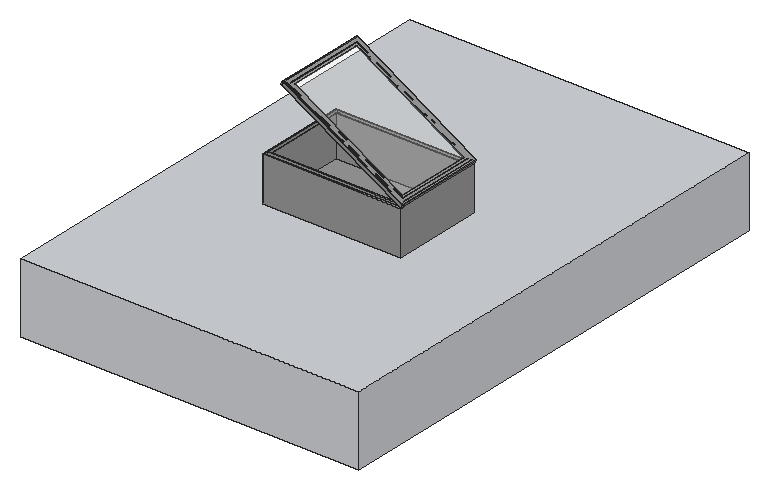
Revit family "Hager-Orion_Inox-IP66-D210-Cl.I-Inox_encl-630A-400mm-CH-it", category Equipement électrique, Revit 2020
Family settings
  Hôte = Face
  Configuration du panneau = Deux colonnes, circuits au sein
  Cote de connecteur circulaire = Utiliser le diamètre
  Type d'élément = Tableau de raccordement
  Couper avec des vides une fois chargée = Non
  Partagée = Non
  Point de calcul de pièce = Non
Parameters (values of type "A parete IP66 L600 A400 P210  - FL017TWL")
  Width Control [instance] = if([EF000008 - Larghezza] > Min Width, [EF000008 - Larghezza], Min Width)  # 600 mm
  Commentaires du type = [HG000003 - Gamma]  # "Orion Inox"
  Thickness Door [instance] = if([EF009171 - spessore materiale porta/coperchio] > 3 mm, 3 mm, [EF009171 - spessore materiale porta/coperchio])  # 1.5 mm
  Seal Frame Offset [instance] = 17 mm  # constant formula
  Model = ""
  Min Width [instance] = 100 mm  # constant formula
  Min Height [instance] = 100 mm  # constant formula
  Min Depth [instance] = (2 * [EF009170 - spessore materiale scatola]) + 1 mm  # 4 mm
  Internal Frame Depth [instance] = (Door System Depth * 0.5)  # 9 mm
  Height Control [instance] = if([EF000040 - Altezza] > Min Height, [EF000040 - Altezza], Min Height)  # 400 mm
  HG000027 - Altezza dello zoccolo = 0 mm
  HG000026 - A pavimento = no
  HG000024 - Altezza della sezione inferiore = 800 mm
  HG000023 - Custodia a doppia sezione = no
  HG000016 - Visibilità delle porte nella vista 3D [instance] = yes
  HG000015 - Visibilità attraverso la porta [instance] = no
  HG000014 - Porta destra [instance] = yes
  HG000013 - Porta sinistra [instance] = not([HG000014 - Porta destra])  # no
  HG000012 - Angolo di apertura della porta [instance] = 30.00°
  HG000010 - Porte asimmetriche = no
  HG000009 - Porta doppia a battente = no
  HG000006 - Ad incasso = no
  HG000004 - Codice produttore = "FL017TWL"
  HG000003 - Gamma = "Orion Inox"
  HG000002 - Con porta = yes
  Frame Offset Bottom [instance] = 10 mm  # constant formula
  Frame Offset [instance] = 15 mm  # constant formula
  EF015940 - Coprire con rilascio di sovrapressione = no
  EF011959 - tipo di protezione (NEMA) = ""
  EF009554 - numero delle aperture per la piastra della flangia = 0
  Fabricant = "Hager"  # constant formula
  EF009212 - esecuzione coperchio = "EV000116 - chiuso"
  EF009171 - spessore materiale porta/coperchio = 1.5 mm
  EF009170 - spessore materiale scatola = 1.5 mm
  EF008873 - corrente nominale (In) = 630 A
  EF007800 - adatto per parafulmine = no
  EF006306 - con serratura = yes
  EF006244 - coperchio/porta trasparente = yes
  EF005474 - grado di protezione (IP) = "EV006422 - IP66"
  EF004464 - tipo di porta = "EV002646 - singolo"
  EF004427 - numero di moduli = 0
  EF004293 - resistenza agli urti = "EV006814 - IK08"
  EF003532 - adatto per uso esterno = yes
  EF002950 - Numero moduli DIN = 0
  EF001613 - Integrità del circuito = "EV000494 - senza"
  EF001596 - Attacco Lampada = "EV000166 - acciaio inossidabile"
  EF001131 - profondità interna = 176 mm
  EF001088 - possibilità di applicazione = yes
  EF000437 - numero di ingressi per conduttori = 0
  EF000339 - tipo di copertura = "EV004216 - porta"
  EF000266 - numero di file = 0
  EF000218 - profondità di incasso = 0 mm
  EF000118 - con piastra di montaggio = no
  EF000116 - numero RAL = ""
  EF000049 - profondità = 210 mm
  EF000040 - Altezza = 400 mm
  EF000008 - Larghezza = 600 mm
  EF000007 - colore = "EV000154 - altri"
  EF000003 - Tipo di montaggio = "EV000384 - A parete"
  Door System Leaf Tolerance [instance] = 1.5 mm  # constant formula
  Door System Depth [instance] = 18 mm  # constant formula
  Depth Control [instance] = if([EF000049 - profondità] > Min Depth, [EF000049 - profondità], Min Depth)  # 210 mm
  Default Elevation = 0 mm
Types (12, lengths in mm): name | Width Control | HG000004 - Codice produttore | EF009212 - esecuzione coperchio | EF006306 - con serratura | EF006244 - coperchio/porta trasparente | EF004293 - resistenza agli urti | EF001613 - Integrità del circuito | EF000008 - Larghezza
  A parete IP66 L300 A400 P210  - FL015BW | 300 | "FL015BW" | "EV000116 - chiuso" | yes | no | "EV008784 - IK10" | "EV000494 - senza" | 300
  A parete IP66 L300 A400 P210  - FL015BWL | 300 | "FL015BWL" | "EV000116 - chiuso" | yes | no | "EV008784 - IK10" | "EV000494 - senza" | 300
  A parete IP66 L300 A400 P210  - FL015TW | 300 | "FL015TW" | "EV000116 - chiuso" | yes | yes | "EV006814 - IK08" | "EV000494 - senza" | 300
  A parete IP66 L300 A400 P210  - FL015TWL | 300 | "FL015TWL" | "EV000116 - chiuso" | yes | yes | "EV006814 - IK08" | "EV000494 - senza" | 300
  A parete IP66 L400 A400 P210  - FL016BW | 400 | "FL016BW" | "EV009916 - con taglio" | no | no | "EV008784 - IK10" | "" | 400
  A parete IP66 L400 A400 P210  - FL016BWL | 400 | "FL016BWL" | "EV009916 - con taglio" | no | no | "EV008784 - IK10" | "" | 400
  A parete IP66 L400 A400 P210  - FL016TW | 400 | "FL016TW" | "EV000116 - chiuso" | yes | yes | "EV006814 - IK08" | "EV000494 - senza" | 400
  A parete IP66 L400 A400 P210  - FL016TWL | 400 | "FL016TWL" | "EV000116 - chiuso" | yes | yes | "EV006814 - IK08" | "EV000494 - senza" | 400
  A parete IP66 L600 A400 P210  - FL017BW | 600 | "FL017BW" | "EV000116 - chiuso" | yes | no | "EV008784 - IK10" | "EV000494 - senza" | 600
  A parete IP66 L600 A400 P210  - FL017BWL | 600 | "FL017BWL" | "EV000116 - chiuso" | yes | no | "EV008784 - IK10" | "EV000494 - senza" | 600
  A parete IP66 L600 A400 P210  - FL017TW | 600 | "FL017TW" | "EV000116 - chiuso" | yes | yes | "EV006814 - IK08" | "EV000494 - senza" | 600
  A parete IP66 L600 A400 P210  - FL017TWL | 600 | "FL017TWL" | "EV000116 - chiuso" | yes | yes | "EV006814 - IK08" | "EV000494 - senza" | 600
Reference planes
  plane 1 "Center (Front/Back)": y = 0
  plane 2: z = 0
  plane 3 "Center (Left/Right)": x = 0
  plane 4: z = 210
  plane 5: y = 1.5
  plane 6: y = 200
  plane 7: y = 0
  plane 8: y = 400
  plane 9: z = 0
  plane 10: x = -285
  plane 11: x = 285
  plane 12: x = 283.5
  plane 13: x = -283.5
  plane 14: y = 398.5
  plane 15: x = -283
  plane 16: x = -300
  plane 17: x = 283
  plane 18: x = 300
  plane 19: x = 298.5
  plane 20: x = -298.5
  plane 21: y = 11.5
  plane 22: y = 400
  plane 23: y = 383.5
  plane 24: z = 192
  plane 25: z = 1.5
  plane 26: z = 190.5
  plane 27: z = 208.5
Forms (mm)
  Extrusion 1, solid
    sketch origin (0, 0, 0) x (1, 0, 0) y (0, 1, 0)
      loop
        line (-702.964, 1305) -> (-702.964, -811.445) -> (766.763, -811.445) -> (766.763, 1305) -> (-702.964, 1305)
    from 0 to -304.8
  Extrusion 2, solid, material "Hager_Stainless_Steel", detail levels medium+fine
    sketch origin (0, 0, 0) x (1, 0, 0) y (0, 1, 0)
      loop
        line (-300, 0) -> (300, 0) -> (300, 400) -> (-300, 400) -> (-300, 0)
    from 0 to 192
  Extrusion 3, solid, material "Hager_Steel_RAL 7035_Light_Grey", not visible, detail levels medium+fine
    sketch origin (0, 28.16, 50.802) x (0, 1, 0) y (0, 0, 1)
      loop
        line (223.34, -50.802) -> (223.34, 147.698)
        arc (223.34, 147.698) -> (220.411, 154.769) -> (213.34, 157.698) r 10
        line (213.34, 157.698) -> (183.34, 157.698) -> (183.34, -50.802) -> (223.34, -50.802)
    from -298.5 to 298.5
  Extrusion 4, void
    sketch origin (0, 0, 0) x (1, 0, 0) y (0, 1, 0)
      loop
        line (-298.5, 1.5) -> (298.5, 1.5) -> (298.5, 398.5) -> (-298.5, 398.5) -> (-298.5, 1.5)
    from 1.5 to 190.5
  Extrusion 5, void
    sketch origin (-381.607, -4572, 192) x (0, -1, 0) y (-1, 0, 0)
      loop
        line (-4583.5, -98.107) -> (-4955.5, -98.107) -> (-4955.5, -665.107) -> (-4583.5, -665.107) -> (-4583.5, -98.107)
    from 0 to 1.5 <- "EF009170 - spessore materiale scatola"
  Extrusion 6, solid, material "Hager_Stainless_Steel", detail levels fine
    sketch origin (-381.607, -4572, 192) x (-1, 0, 0) y (0, -1, 0)
      loop
        line (-98.107, -4583.5) -> (-665.107, -4583.5) -> (-665.107, -4955.5) -> (-98.107, -4955.5) -> (-98.107, -4583.5)
      loop
        line (-97.107, -4582) -> (-666.107, -4582) -> (-666.107, -4957) -> (-97.107, -4957) -> (-97.107, -4582)
    from 0 to 9 <- "Internal Frame Depth"
  Extrusion 7, solid, material "Hager_Stainless_Steel", detail levels coarse
    sketch origin (0, 0, 0) x (1, 0, 0) y (0, 1, 0)
      loop
        line (-300, 0) -> (300, 0) -> (300, 400) -> (-300, 400) -> (-300, 0)
    from 0 to 210
Cuts and joins
  Extrusion 4, Extrusion 5 cuts Extrusion 2
Lines and regions (mm)
  Masking region 1
    outline origin (0, 0, 0) x (1, 0, 0) y (0, 0, 1)
      loop
        line (-300, 210) -> (-300, 0) -> (300, 0) -> (300, 210) -> (-300, 210)
  Masking region 2, detail levels medium+fine
    outline origin (0, 140, 0) x (0, 1, 0) y (0, 0, 1)
      loop
        line (-140, 0) -> (260, 0) -> (260, 192) -> (-140, 192) -> (-140, 0)
  Masking region 3, not visible, detail levels medium+fine
    outline origin (0, 297.922, 0) x (0, 1, 0) y (0, 0, 1)
      loop
        line (-86.422, 0) -> (-46.422, 0) -> (-46.422, 198.5)
        arc (-46.422, 198.5) -> (-49.351, 205.571) -> (-56.422, 208.5) r 10
        line (-56.422, 208.5) -> (-86.422, 208.5) -> (-86.422, 0)
  Masking region 4, detail levels coarse
    outline origin (0, 0, 180) x (0, 1, 0) y (0, 0, 1)
      loop
        line (0, -180) -> (400, -180) -> (400, 30) -> (0, 30) -> (0, -180)
  Masking region 5
    outline origin (-381.607, -4572, 192) x (-1, 0, 0) y (0, -1, 0)
      loop
        line (-81.607, -4972) -> (-81.607, -4572) -> (-681.607, -4572) -> (-681.607, -4972) -> (-81.607, -4972)
Dimensions and locks
  "Depth Control": plane 4 to Extrusion 1
  "EF009170 - spessore materiale scatola": plane 5 to plane 7
  locked: connector elem to plane 3 "Center (Left/Right)"
  equal spacing: plane 8, plane 6, plane 7
  locked: connector elem to plane 6
  "EF009170 - spessore materiale scatola": plane 8 to plane 14
  "EF009170 - spessore materiale scatola": plane 10 to plane 13
  "EF009170 - spessore materiale scatola": plane 12 to plane 11
  "Frame Offset": plane 20 to plane 13
  "Frame Offset": plane 12 to plane 19
  "EF009170 - spessore materiale scatola": plane 16 to plane 20
  "EF009170 - spessore materiale scatola": plane 19 to plane 18
  "Seal Frame Offset": plane 16 to plane 15
  "Seal Frame Offset": plane 17 to plane 18
  "Frame Offset Bottom": plane 21 to plane 5
  "Frame Offset": plane 14 to plane 23
  equal spacing: plane 16, plane 3 "Center (Left/Right)", plane 18
  "Width Control": plane 16 to plane 18
  "EF009170 - spessore materiale scatola": plane 4 to plane 27
  "EF009170 - spessore materiale scatola": plane 24 to plane 26
  "EF009170 - spessore materiale scatola": plane 25 to level
  "Door System Depth": plane 4 to plane 24
  "Height Control": plane 1 "Center (Front/Back)" to Extrusion 7 sketch curve
  "Height Control": Masking region 4 sketch curve to plane 1 "Center (Front/Back)"
  "Thickness Door": Extrusion 6 sketch curve to plane 15
  "Thickness Door": plane 21 to Extrusion 6 sketch curve
  "Thickness Door": plane 17 to Extrusion 6 sketch curve
  "Thickness Door": Extrusion 6 sketch curve to plane 23
  "Height Control": plane 1 "Center (Front/Back)" to plane 22
  radius of Masking region 3 sketch curve = 10 mm
  radius of Extrusion 3 sketch curve = 10 mm
  aligned and locked: plane 2 to Extrusion 1
  aligned and locked: level to Extrusion 1
  aligned and locked: level to Masking region 1 sketch curve
  aligned and locked: Masking region 1 sketch curve to plane 18
  aligned and locked: Masking region 1 sketch curve to plane 16
  aligned and locked: plane 7 to Masking region 2 sketch curve
  aligned and locked: level to Masking region 3 sketch curve
  aligned and locked: Masking region 3 sketch curve to plane 27
  aligned and locked: level to Masking region 2 sketch curve
  aligned and locked: Extrusion 2 sketch curve to plane 7
  aligned and locked: plane 16 to Extrusion 2 sketch curve
  aligned and locked: plane 18 to Extrusion 2 sketch curve
  aligned and locked: Extrusion 3 sketch curve to level
  aligned and locked: plane 27 to Extrusion 3 sketch curve
  aligned and locked: plane 20 to Extrusion 3
  aligned and locked: plane 19 to Extrusion 3
  aligned and locked: plane 20 to Extrusion 4 sketch curve
  aligned and locked: plane 19 to Extrusion 4 sketch curve
  aligned and locked: Extrusion 4 sketch curve to plane 5
  aligned and locked: Extrusion 4 to plane 25
  aligned and locked: plane 26 to Extrusion 4
  aligned and locked: plane 24 to Extrusion 2
  aligned and locked: Extrusion 5 sketch curve to plane 21
  aligned and locked: Extrusion 5 sketch curve to plane 13
  aligned and locked: Extrusion 5 sketch curve to plane 12
  aligned and locked: plane 18 to Extrusion 7 sketch curve
  aligned and locked: plane 1 "Center (Front/Back)" to Extrusion 7 sketch curve
  aligned and locked: plane 16 to Extrusion 7 sketch curve
  aligned and locked: plane 4 to Extrusion 7
  aligned and locked: Extrusion 7 to level
  aligned and locked: level to Masking region 4 sketch curve
  aligned and locked: Masking region 4 sketch curve to plane 1 "Center (Front/Back)"
  aligned and locked: Masking region 4 sketch curve to plane 4
  aligned and locked: nested 1 to level
  aligned and locked: nested 1 to plane 16
  aligned and locked: plane 8 to Extrusion 2 sketch curve
  aligned and locked: plane 23 to Extrusion 5 sketch curve
  aligned and locked: plane 14 to Extrusion 4 sketch curve
  aligned and locked: Extrusion 6 sketch curve to plane 21
  aligned and locked: plane 13 to Extrusion 6 sketch curve
  aligned and locked: plane 23 to Extrusion 6 sketch curve
  aligned and locked: plane 12 to Extrusion 6 sketch curve
  aligned and locked: Masking region 2 sketch curve to plane 8
  aligned and locked: Masking region 2 sketch curve to plane 24
  aligned and locked: nested 2 to plane 3 "Center (Left/Right)"
  aligned and locked: nested 2 to plane 24
  aligned and locked: Masking region 5 sketch curve to plane 1 "Center (Front/Back)"
  aligned and locked: Masking region 5 sketch curve to plane 18
  aligned and locked: Masking region 5 sketch curve to plane 22
  aligned and locked: Masking region 5 sketch curve to plane 16
  aligned and locked: plane 8 to plane 22
  aligned and locked: plane 7 to plane 1 "Center (Front/Back)"
  aligned and locked: nested 2 to plane 1 "Center (Front/Back)"
Automatic sketch dimensions
  Extrusion 1 sketch curve to Extrusion 1 sketch curve = 1469.727 mm
  Extrusion 1 sketch curve to Extrusion 1 sketch curve = 2116.445 mm
  plane 6 to Masking region 3 sketch curve = 11.5 mm
  Masking region 3 sketch curve to Masking region 3 sketch curve = 30 mm
  plane 6 to Extrusion 3 sketch curve = 11.5 mm
  Extrusion 3 sketch curve to Extrusion 3 sketch curve = 30 mm
  Masking region 1 sketch curve to plane 4 = 0 mm
Nested families
  nested 1: "Hager_Enclosure_Symbol" at (-300, 0, 0) x (1, 0, 0) z (0, -1, 0), Height <- "Depth Control", Width <- "Width Control", type "Hager_Enclosure_Symbol"
    with Width_Ctrl 600 mm, Width 600 mm, Height_Ctrl 210 mm, Height 210 mm, A_Width_Int 13.781 mm, A_Width 165.375 mm, A_Height_Ctrl 183.75 mm, A_Height 183.75 mm
  nested 2: "EC000058_OrionInox_Door" at (0, 400, 192) x (1, 0, 0) z (0, -1, 0), Leaf_Tolerance <- "Door System Leaf Tolerance", Angle <- "HG000012 - Angolo di apertura della porta", Door_Depth <- "Door System Depth", Door_Left <- "HG000013 - Porta sinistra", Transparent <- "EF006244 - coperchio/porta trasparente", Assymetrical <- "HG000010 - Porte asimmetriche", Width <- "Width Control", Clearance <- "HG000015 - Visibilità attraverso la porta", Double <- "HG000009 - Porta doppia a battente", 3d_Door <- "HG000016 - Visibilità delle porte nella vista 3D", Width_Ctrl <- "Width Control", Door_Right <- "HG000014 - Porta destra", Door <- "HG000002 - Con porta", Height <- "Height Control", Thickness <- "Thickness Door", type "EC000058_OrionInox_Door", detail levels medium+fine
    with min_wh 4 mm, Width_Ctrl 600 mm, Width 600 mm, Transparent yes, Thickness 1.5 mm, Seal_Material Hager_Rubber, Leaf_Width 600 mm, Leaf_Tolerance_External_Sides 0 mm, Leaf_Tolerance 1.5 mm, Leaf_Offset 0 mm, Leaf_Height 397 mm, Leaf_2_Width 600 mm, Leaf_2_Offset 300 mm, Leaf_1_Width 600 mm, Leaf_1_Offset 300 mm, Height_Ctrl 400 mm, Height 400 mm, Glass_Material Hager_Glass, Double_Clearance_Ctrl no, Double no, Door_Right_Ctrl yes, Door_Right yes, Door_Material Hager_Stainless_Steel, Door_Left_Ctrl no, Door_Left no, Door_Depth 18 mm, Door yes, Clearance_Material Hager_Clearance, Clearance_Depth 600 mm, Clearance_Ctrl no, Clearance no, Assymetrical no, Angle 30.00°, 3d_Door yes
Connectors
  electrical at (0, 200, 0)
    settings: on plane 9, index 1, voltage 0 V, apparent load 0 VA, apparent load phase1 0 VA, apparent load phase2 0 VA, apparent load phase3 0 VA, power factor 1, load classification "Other", number of poles 1, system type 30, power factor state 1, is connector primary yes, connector utility no, sub classification motor no, connector description ""
Definition of nested family "EC000058_OrionInox_Door"
  Parameters (values of type "EC000058_OrionInox_Door")
    min_wh [instance] = (2 * Thickness) + 1 mm  # 11 mm
    Width_Ctrl [instance] = 400 mm
    Width [instance] = 500 mm
    Transparent [instance] = yes
    Thickness [instance] = 5 mm
    Seal_Material [instance] = none
    Leaf_Width [instance] = if((Width_Ctrl - 2 * Leaf_Tolerance_External_Sides) > 0 mm, (Width_Ctrl - 2 * Leaf_Tolerance_External_Sides), min_wh)  # 400 mm
    Leaf_Tolerance_External_Sides [instance] = 0 mm  # constant formula
    Leaf_Tolerance [instance] = 1.5 mm
    Leaf_Offset [instance] = 0 mm  # constant formula
    Leaf_Height [instance] = if((Height_Ctrl - 2 * Leaf_Tolerance) > 0 mm, (Height_Ctrl - 2 * Leaf_Tolerance), min_wh)  # 497 mm
    Leaf_2_Width [instance] = if(and(and(Double, Assymetrical), Door_Left), (Leaf_Width / 3) - (Leaf_Tolerance / 2), if(and(and(Double, Assymetrical), Door_Right), (Leaf_Width / 3) * 2 - (Leaf_Tolerance / 2), if(and(Double, not(Assymetrical)), (Leaf_Width / 2) - Leaf_Tolerance, Leaf_Width)))  # 400 mm
    Leaf_2_Offset [instance] = if(and(Double, Assymetrical), Leaf_2_Width / 2, if(and(Double, not(Assymetrical)), Leaf_Width / 4, Leaf_Width / 2))  # 200 mm
    Leaf_1_Width [instance] = if(and(and(Double, Assymetrical), Door_Right), (Leaf_Width / 3) - (Leaf_Tolerance / 2), if(and(and(Double, Assymetrical), Door_Left), (Width / 3) * 2 - (Leaf_Tolerance / 2), if(and(Double, not(Assymetrical)), (Leaf_Width / 2) - Leaf_Tolerance, Leaf_Width)))  # 400 mm
    Leaf_1_Offset [instance] = if(and(Double, Assymetrical), Leaf_1_Width / 2, if(and(Double, not(Assymetrical)), Leaf_Width / 4, Leaf_Width / 2))  # 200 mm
    Height_Ctrl [instance] = if(Height > min_wh, Height, min_wh)  # 500 mm
    Height [instance] = 500 mm
    Glass_Material [instance] = none
    Double_Clearance_Ctrl [instance] = and(Double, Clearance)  # no
    Double [instance] = no
    Door_Right_Ctrl [instance] = and(or(Door_Right, Double), Door)  # yes
    Door_Right [instance] = yes
    Door_Material [instance] = none
    Door_Left_Ctrl [instance] = and(or(Door_Left, Double), Door)  # no
    Door_Left [instance] = no
    Door_Depth [instance] = 30 mm
    Door [instance] = yes
    Default Elevation = 1219.2 mm
    Clearance_Material [instance] = none
    Clearance_Depth [instance] = if(Leaf_1_Width > Leaf_2_Width, Leaf_1_Width, Leaf_2_Width)  # 400 mm
    Clearance_Ctrl [instance] = and(not(Double), Clearance)  # yes
    Clearance [instance] = yes
    Assymetrical [instance] = yes
    Angle [instance] = 30.00°
    3d_Door [instance] = yes
  Reference planes
    plane 1 "Center (Front/Back)": y = 0
    plane 2 "Bottom": z = 0
    plane 3 "Center (Left/Right)": x = 0
    plane 4: z = 500
    plane 5: x = -200
    plane 6: x = 200
    plane 7: z = 500
    plane 8: x = -200
    plane 9: z = 0
    plane 10: x = 200
    plane 11: y = 0
    plane 12: z = 1.5
    plane 13: x = -600
    plane 14: y = -400
    plane 15: x = 600
    plane 16: x = 0
    plane 17: x = 0
    plane 18: x = -200
    plane 19: x = 200
    plane 20: z = 498.5
  Forms (mm)
    Extrusion 1, solid, material <- "Clearance_Material", visible <- "Double_Clearance_Ctrl"
      sketch origin (1200, 0, 0) x (1, 0, 0) y (0, 0, -1)
        loop
          line (-1800, -498.5) -> (-600, -498.5) -> (-600, 0) -> (-1800, 0) -> (-1800, -498.5)
      from 0 to -400
  Dimensions and locks
    equal spacing: plane 5, plane 3 "Center (Left/Right)", plane 6
    "Width_Ctrl": plane 5 to plane 6
    "Leaf_Offset": plane 5 to plane 8
    "Leaf_Offset": plane 6 to plane 10
    "Leaf_Offset": plane 9 to level
    "Leaf_Offset": plane 4 to plane 7
    "Height_Ctrl": plane 4 to level
    "Leaf_Tolerance": plane 12 to plane 9
    locked: plane 11 to plane 1 "Center (Front/Back)"
    "Leaf_1_Offset": plane 18 to plane 16
    "Leaf_2_Offset": plane 17 to plane 19
    "Leaf_1_Width": plane 13 to plane 8
    "Leaf_2_Width": plane 10 to plane 15
    "Clearance_Depth": plane 14 to plane 1 "Center (Front/Back)"
    "Leaf_Tolerance_External_Sides": plane 8 to plane 18
    "Leaf_Tolerance_External_Sides": plane 19 to plane 10
    "Leaf_Tolerance": plane 7 to plane 20
    aligned and locked: level to plane 2 "Bottom"
    aligned and locked: nested 1 to plane 16
    aligned and locked: nested 2 to plane 17
    aligned and locked: Extrusion 1 to plane 13
    aligned and locked: plane 15 to Extrusion 1
    aligned and locked: Extrusion 1 to plane 14
    aligned and locked: plane 12 to nested 1
    aligned and locked: nested 2 to plane 12
    aligned and locked: Extrusion 1 to plane 11
    aligned and locked: plane 20 to Extrusion 1
    aligned and locked: nested 2 to plane 11
    aligned and locked: nested 1 to plane 11
  Automatic sketch dimensions
    Extrusion 1 sketch curve to level = 0 mm
    plane 5 to Extrusion 1 sketch curve = 400 mm
    plane 6 to Extrusion 1 sketch curve = 400 mm
    Extrusion 1 sketch curve to plane 4 = 1.5 mm
  Nested families
    nested 1: "EC000058_OrionInox_Door_Leaf" at (0, 0, 1.5), Width <- "Leaf_1_Width", visible <- "Door_Left_Ctrl", Leaf_Height <- "Leaf_Height", Angle <- "Angle", 3d_Door <- "3d_Door", Transparent <- "Transparent", Clearance Material <- "Clearance_Material", Clearance <- "Clearance_Ctrl", Door_Material <- "Door_Material", Glass_Material <- "Glass_Material", Door_Depth <- "Door_Depth", Seal_Material <- "Seal_Material", Thickness <- "Thickness", type "EC000058_OrionInox_Door_Leaf"
      with Width 400 mm, Transparent_Ctrl yes, Transparent yes, Thickness 5 mm, Standard no, Seal_Material none, Seal_D2 8 mm, Seal_D1 1 mm, Offset_Internal_Frame 10 mm, Lock_Width 28 mm, Lock_Thickness 2 mm, Lock_Radius 6 mm, Leaf_Height 497 mm, Internal_Seal_Thickness 8 mm, Internal_Seal_Depth_2 4.5 mm, Internal_Frame_Depth 25 mm, Glass_Thickness -1 mm, Glass_Offset -2 mm, Glass_Material none, Door_Material none, Door_Depth 30 mm, Clearance Material none, Clearance yes, Angle_Ctrl 30.00°, Angle 30.00°, 3d_Door yes
    nested 2: "EC000058_OrionInox_Door_Leaf" at (0, 0, 1.5) x (-1, 0, 0) z (0, 0, 1), Width <- "Leaf_2_Width", visible <- "Door_Right_Ctrl", Leaf_Height <- "Leaf_Height", Angle <- "Angle", 3d_Door <- "3d_Door", Transparent <- "Transparent", Clearance Material <- "Clearance_Material", Clearance <- "Clearance_Ctrl", Door_Material <- "Door_Material", Glass_Material <- "Glass_Material", Door_Depth <- "Door_Depth", Seal_Material <- "Seal_Material", Thickness <- "Thickness", type "EC000058_OrionInox_Door_Leaf"
      with Width 400 mm, Transparent_Ctrl yes, Transparent yes, Thickness 5 mm, Standard no, Seal_Material none, Seal_D2 8 mm, Seal_D1 1 mm, Offset_Internal_Frame 10 mm, Lock_Width 28 mm, Lock_Thickness 2 mm, Lock_Radius 6 mm, Leaf_Height 497 mm, Internal_Seal_Thickness 8 mm, Internal_Seal_Depth_2 4.5 mm, Internal_Frame_Depth 25 mm, Glass_Thickness -1 mm, Glass_Offset -2 mm, Glass_Material none, Door_Material none, Door_Depth 30 mm, Clearance Material none, Clearance yes, Angle_Ctrl 30.00°, Angle 30.00°, 3d_Door yes
  Definition of nested family "EC000058_OrionInox_Door_Leaf"
    Parameters (values of type "EC000058_OrionInox_Door_Leaf")
      Width [instance] = 450 mm
      Transparent_Ctrl [instance] = and(Transparent, [3d_Door])  # yes
      Transparent [instance] = yes
      Thickness [instance] = 5 mm
      Standard [instance] = and(not(Transparent), [3d_Door])  # no
      Seal_Material [instance] = none
      Seal_D2 [instance] = 8 mm  # constant formula
      Seal_D1 [instance] = 1 mm  # constant formula
      Offset_Internal_Frame [instance] = 10 mm  # constant formula
      Lock_Width [instance] = Door_Depth - Lock_Thickness  # 28 mm
      Lock_Thickness [instance] = 2 mm  # constant formula
      Lock_Radius [instance] = 6 mm  # constant formula
      Leaf_Height [instance] = 450 mm
      Internal_Seal_Thickness [instance] = 8 mm  # constant formula
      Internal_Seal_Depth_2 [instance] = 4.5 mm  # constant formula
      Internal_Frame_Depth [instance] = if(Door_Depth - Thickness > 5 mm, Door_Depth - Thickness, 5 mm)  # 25 mm
      Glass_Thickness [instance] = if(Thickness > 15 mm, Glass_Offset + 10 mm, -1 mm)  # -1 mm
      Glass_Offset [instance] = if(Thickness > 15 mm, -(Thickness + 10 mm) / 2, -2 mm)  # -2 mm
      Glass_Material [instance] = none
      Door_Material [instance] = none
      Door_Depth [instance] = 30 mm
      Default Elevation = 0 mm
      Clearance Material [instance] = none
      Clearance [instance] = yes
      Angle_Ctrl [instance] = if(Angle > 180.00°, 180.00°, Angle)  # 90.00°
      Angle [instance] = 90.00°
      3d_Door [instance] = yes
    Reference planes
      plane 1 "Center (Front/Back)": y = 0
      plane 2: z = 0
      plane 3 "Center (Left/Right)": x = 0
      plane 4: y = 450
      plane 5: x = -225
      plane 6: x = 225
      plane 7: x = -675
      plane 8: z = 450
      plane 9: z = 30
      plane 10: z = 420
      plane 11: x = 195
      plane 12: x = -195
      plane 13: y = -3
      plane 14: z = 107.833
      plane 15: y = -5
      plane 16: y = -223.314
      plane 17: x = -225
      plane 18: y = 30
    Forms (mm)
      Extrusion 1, solid, material <- "Clearance Material", visible <- "Clearance"
        sketch origin (0, 0, 0) x (1, 0, 0) y (0, 0, 1)
          loop
            line (-675, 450) -> (-675, 0) -> (225, 0) -> (225, 450) -> (-675, 450)
        from 0 to -450
      Extrusion 2, solid, material <- "Door_Material", visible <- "Standard", detail levels medium+fine
        sketch origin (-225, 0, 0) x (0, 1, 0) y (-1, 0, 0)
          loop
            line (0, 30) -> (0, 25) -> (450, 25) -> (450, 30) -> (0, 30)
        from 0 to 450 <- "Leaf_Height"
      Extrusion 3, solid, material <- "Door_Material", visible <- "Transparent_Ctrl", detail levels medium+fine
        sketch origin (-225, 0, 0) x (0, 1, 0) y (-1, 0, 0)
          loop
            line (0, 25) -> (450, 25) -> (450, 30) -> (0, 30) -> (0, 25)
        from 0 to 450 <- "Leaf_Height"
      Extrusion 4, void
        sketch origin (-250, 450, 0) x (0, 1, 0) y (0, 0, -1)
          loop
            line (-30, -420) -> (-30, -30) -> (-420, -30) -> (-420, -420) -> (-30, -420)
        from 0 to 5 <- "Thickness"
      Sweep 5, solid, material <- "Seal_Material", visible <- "Transparent_Ctrl", detail levels fine
        path in 3D
          loop
            line (-250, 30, 30) -> (-250, 30, 420) -> (-250, 420, 420) -> (-250, 420, 30) -> (-250, 30, 30)
        profile origin (-250, 225, 30) x (1, 0, 0) y (0, 0, 1)
          loop
            line (0, 0) -> (0, -8) -> (1, -8) -> (1, 0) -> (0, 0)
      Extrusion 6, solid, material <- "Glass_Material", visible <- "Transparent_Ctrl", detail levels medium+fine
        sketch origin (-255, 0, 0) x (0, 1, 0) y (0, 0, -1)
          loop
            line (420, -420) -> (420, -30) -> (30, -30) -> (30, -420) -> (420, -420)
        from -2 <- "Glass_Offset" to -1 <- "Glass_Thickness"
      Extrusion 7, solid, material <- "Door_Material", visible <- "3d_Door", detail levels medium+fine
        sketch origin (-250, 450, 0) x (0, -1, 0) y (0, 0, -1)
          loop
            line (0, -450) -> (450, -450) -> (450, 0) -> (0, 0) -> (0, -450)
          loop
            line (445, -5) -> (5, -5) -> (5, -445) -> (445, -445) -> (445, -5)
        from 0 to 25 <- "Internal_Frame_Depth"
      Sweep 8, solid, material <- "Seal_Material", visible <- "Transparent_Ctrl", detail levels fine
        path in 3D
          loop
            line (-250, 0, 0) -> (-250, 450, 0) -> (-250, 450, 450) -> (-250, 0, 450) -> (-250, 0, 0)
        profile origin (-250, 0, 225) x (1, 0, 0) y (0, 1, 0)
          loop
            line (0, 10) -> (2.975, 10)
            arc (2.975, 10) -> (4.053, 10.447) -> (4.5, 11.525) r 1.525
            line (4.5, 11.525) -> (4.5, 16.527)
            arc (4.5, 16.527) -> (4.069, 17.569) -> (3.027, 18) r 1.473
            line (3.027, 18) -> (0, 18) -> (0, 10)
    Cuts and joins
      Extrusion 4 cuts Extrusion 3
    Lines and regions (mm)
      Masking region 1, detail levels medium+fine
        outline origin (0, 0, 0) x (0, 1, 0) y (0, 0, 1)
          loop
            line (0, 0) -> (30, 0) -> (30, 450) -> (0, 450) -> (0, 0)
      Masking region 2, detail levels medium+fine
        outline origin (0, 0, 0) x (1, 0, 0) y (0, 0, 1)
          loop
            line (-225, 450) -> (-225, 0) -> (225, 0) -> (225, 450) -> (-225, 450)
      symbolic lines
        curve 1: line (225, 0, 0) -> (-675, 0, 0)
        curve 2: arc (225, 0, 0) -> (-225, 450, 0) -> (-675, 0, 0) r 450
        curve 4: line (-255, 0, 0) -> (-255, 450, 0)
      reference lines
        curve 3: line (-225, 0, 0) -> (-225, 450, 0)
      symbolic lines, detail levels medium+fine
        curve 5: line (-255, 450, 0) -> (-250, 450, 0)
        curve 7: line (-250, 0, 0) -> (-255, 0, 0)
        curve 8: line (-250, 0, 0) -> (-225, 0, 0)
        curve 9: line (-225, 0, 0) -> (-225, 450, 0)
        curve 10: line (-225, 450, 0) -> (-250, 450, 0)
      symbolic lines, detail levels fine
        curve 6: line (-250, 450, 0) -> (-250, 0, 0)
      sketch lines
        curve 11: line (-250, 0, 450) -> (-250, 0, 0)
        curve 12: line (-250, 450, 0) -> (-250, 0, 0)
        curve 13: line (-250, 450, 450) -> (-250, 450, 0)
        curve 14: line (-250, 0, 450) -> (-250, 450, 450)
        curve 15: line (-250, 420, 30) -> (-250, 30, 30)
        curve 16: line (-250, 30, 30) -> (-250, 30, 420)
        curve 17: line (-250, 420, 420) -> (-250, 420, 30)
        curve 18: line (-250, 30, 420) -> (-250, 420, 420)
      symbolic lines, visible <- "Transparent", detail levels medium+fine
        curve 19: line (-195, 0, 420) -> (195, 0, 420)
        curve 20: line (-195, 0, 30) -> (-195, 0, 420)
        curve 21: line (195, 0, 30) -> (-195, 0, 30)
        curve 22: line (195, 0, 420) -> (195, 0, 30)
    Dimensions and locks
      "Width": plane 1 "Center (Front/Back)" to plane 4
      equal spacing: plane 5, plane 3 "Center (Left/Right)", plane 6
      "Width": plane 5 to plane 6
      "Width": plane 7 to plane 5
      "Leaf_Height": plane 8 to level
      "Width": curve 5 to curve 3
      "Width": curve 3 to curve 3
      plane 8 to plane 10 = 30 mm
      plane 9 to level = 30 mm
      plane 12 to plane 5 = 30 mm
      plane 6 to plane 11 = 30 mm
      Extrusion 4 sketch curve to Extrusion 3 = 30 mm
      Extrusion 3 to Extrusion 4 sketch curve = 30 mm
      Extrusion 1 to Extrusion 4 sketch curve = 30 mm
      curve 3 to Extrusion 4 sketch curve = 30 mm
      Extrusion 4 sketch curve to cut or joined group of Extrusion 3, Extrusion 4 = 30 mm
      cut or joined group of Extrusion 3, Extrusion 4 to Extrusion 6 sketch curve = 30 mm
      cut or joined group of Extrusion 3, Extrusion 4 to Extrusion 4 sketch curve = 30 mm
      "Thickness": curve 6 to curve 4
      "Thickness": Extrusion 7 sketch curve to Extrusion 7 sketch curve  (x4)
      "Door_Depth": curve 4 to curve 3
      "Offset_Internal_Frame": profile plane to Sweep 8 sketch curve
      "Internal_Seal_Thickness": Sweep 8 sketch curve to Sweep 8 sketch curve
      "Internal_Seal_Depth_2": profile plane to Sweep 8 sketch curve
      "Seal_D1": profile plane to Sweep 5 sketch curve
      "Seal_D2": profile plane to Sweep 5 sketch curve
      "Thickness": Extrusion 2 sketch curve to Extrusion 2 sketch curve
      "Door_Depth": plane 18 to plane 1 "Center (Front/Back)"
      radius of Sweep 8 sketch curve = 1.525 mm
      radius of Sweep 8 sketch curve = 1.473 mm
      "Angle_Ctrl": angle plane 1 "Center (Front/Back)" to curve 3
      aligned and locked: level to plane 2
      aligned and locked: Extrusion 1 to curve 1
      aligned and locked: plane 6 to Extrusion 1
      aligned and locked: plane 1 "Center (Front/Back)" to Extrusion 1
      aligned and locked: plane 4 to Extrusion 1
      aligned and locked: plane 8 to Extrusion 1
      aligned and locked: curve 7 to Extrusion 2 sketch curve
      aligned and locked: curve 5 to Extrusion 2 sketch curve
      aligned and locked: curve 7 to Extrusion 3 sketch curve
      aligned and locked: Extrusion 3 sketch curve to curve 4
      aligned and locked: Extrusion 3 sketch curve to curve 6
      aligned and locked: Extrusion 3 sketch curve to curve 5
      aligned and locked: curve 9 to curve 3
      aligned and locked: Extrusion 7 sketch curve to cut or joined group of Extrusion 3, Extrusion 4  (x4)
      aligned and locked: plane 17 to curve 3
      aligned and locked: plane 1 "Center (Front/Back)" to curve 3
      aligned and locked: plane 17 to plane 5
      aligned and locked: Sweep 8 sketch curve to profile plane
      aligned and locked: Sweep 5 sketch curve to profile plane  (x2)
      aligned and locked: plane 1 "Center (Front/Back)" to Masking region 1 sketch curve
      aligned and locked: plane 18 to Masking region 1 sketch curve
      aligned and locked: level to Masking region 1 sketch curve
      aligned and locked: Masking region 1 sketch curve to plane 8
      aligned and locked: plane 17 to Masking region 2 sketch curve
      aligned and locked: level to Masking region 2 sketch curve
      aligned and locked: Masking region 2 sketch curve to plane 8
      aligned and locked: plane 12 to curve 20
      aligned and locked: plane 10 to curve 19
      aligned and locked: plane 11 to curve 22
      aligned and locked: plane 9 to curve 21
      aligned and locked: Extrusion 2 sketch curve to cut or joined group of Extrusion 3, Extrusion 4
    Automatic sketch dimensions
      plane 1 "Center (Front/Back)" to curve 2 = 0 mm
      curve 2 to plane 5 = 0 mm
      Extrusion 1 sketch curve to level = 0 mm
      Extrusion 1 sketch curve to plane 7 = 0 mm
      Extrusion 1 sketch curve to plane 6 = 0 mm
      Extrusion 1 sketch curve to plane 8 = 0 mm
      Extrusion 3 to Extrusion 6 sketch curve = 30 mm  (x4)
      Masking region 2 sketch curve to plane 6 = 0 mm
      curve 4 to curve 3 = 0 mm
Definition of nested family "Hager_Enclosure_Symbol"
  Parameters (values of type "Hager_Enclosure_Symbol")
    Width_Ctrl [instance] = if(Width > 1 mm, Width, 1 mm)  # 102.27 mm
    Width [instance] = 102.27 mm
    Height_Ctrl [instance] = if(Height > 1 mm, Height, 1 mm)  # 66.5 mm
    A_Width_Int [instance] = if(A_Width / 12 > 2 mm, A_Width / 12, 2 mm)  # 4.364 mm
    A_Width [instance] = if(A_Height_Ctrl * 0.9 > 2 mm, A_Height_Ctrl * 0.9, 2 mm)  # 52.369 mm
    A_Height_Ctrl [instance] = if(A_Height > 2 mm, A_Height, 2 mm)  # 58.188 mm
    Height [instance] = 66.5 mm
    A_Height [instance] = Height - (Height / 8)  # 58.188 mm
  Reference planes
    plane 1 "Centre (avant/arrière)": y = 0
    plane 2: z = 0
    plane 3 "Centre (gauche/droite)": x = 0
    plane 4: x = 52.369
    plane 5: y = 33.042
    plane 6: y = 41.77
    plane 7: y = 66.5
    plane 8: x = 26.184
    plane 9: y = 37.406
    plane 10: x = 102.27
    plane 11: y = 66.5
    plane 12: y = 8.313
  Lines and regions (mm)
    Filled region 1, type "Solid_Black", in view "Niveau de réf."
      outline origin (0, 0, 0) x (1, 0, 0) y (0, 1, 0)
        loop
          line (52.369, 66.5) -> (33.188, 54.536) -> (45.365, 45.006) -> (52.369, 66.5)
    Filled region 2, type "Solid_Black", in view "Niveau de réf."
      outline origin (0, 0, 0) x (1, 0, 0) y (0, 1, 0)
        loop
          line (0, 0) -> (102.27, 0) -> (102.27, 66.5) -> (0, 0)
    detail lines, in view "Niveau de réf."
      curve 1: line (0, 8.313, 0) -> (26.184, 41.77, 0)
      curve 2: line (26.184, 41.77, 0) -> (26.184, 33.042, 0)
      curve 3: line (26.184, 33.042, 0) -> (52.369, 66.5, 0)
  Dimensions and locks
    "A_Width": plane 3 "Centre (gauche/droite)" to plane 4
    equal spacing: plane 3 "Centre (gauche/droite)", plane 8, plane 4
    equal spacing: plane 6, plane 9, plane 5
    equal spacing: curve 3, Filled region 1 sketch curve, Filled region 1 sketch curve
    "Height_Ctrl": plane 1 "Centre (avant/arrière)" to plane 11
    "A_Height_Ctrl": plane 11 to plane 12
    equal spacing: plane 11, plane 9, plane 12
    "A_Width_Int": plane 6 to plane 9
    "Width_Ctrl": plane 3 "Centre (gauche/droite)" to plane 10
    angle Filled region 1 sketch curve to curve 3 = 20.00°
    angle curve 3 to Filled region 1 sketch curve = 20.00°
    locked: curve 3 to Filled region 1 sketch curve (angle 90.00°)
    aligned and locked: plane 10 to Filled region 2
    aligned and locked: plane 11 to Filled region 2 sketch curve
    aligned and locked: plane 10 to Filled region 2 sketch curve
    aligned and locked: plane 3 "Centre (gauche/droite)" to curve 1
    aligned and locked: plane 12 to curve 1
    aligned and locked: plane 7 to plane 11
  Automatic sketch dimensions
    Filled region 1 sketch curve to plane 4 = 0 mm
    Filled region 1 sketch curve to plane 7 = 0 mm
    plane 1 "Centre (avant/arrière)" to Filled region 2 sketch curve = 0 mm
    Filled region 2 sketch curve to plane 3 "Centre (gauche/droite)" = 0 mm
    curve 2 to plane 6 = 0 mm
    curve 2 to plane 8 = 0 mm
    curve 3 to plane 4 = 0 mm
    curve 2 to plane 5 = 0 mm
    curve 3 to plane 7 = 0 mm
